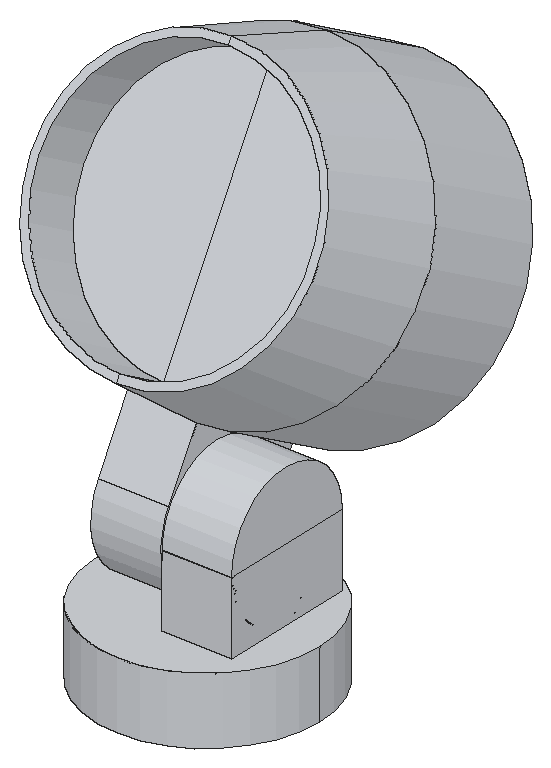
Revit family "Holly Flood Light_26W_3000K", category Lighting Fixtures, Revit 2022
Family settings
  Round Connector Dimension = Use Diameter
  Part Type = Normal
  Work Plane-Based = No
  Always vertical = Yes
  Cut with Voids When Loaded = No
  Light Source = No
  Maintain Annotation Orientation = No
  Shared = No
  Room Calculation Point = No
Parameters (values of type "Holly Flood _26w_3000K_50°")
  Width = 0' - 5 7/64"
  Wattage Comments = "26W"
  URL = "https://www.abovealllighting.com/product/LED-OUTDOOR-FIXTURES/LED-Flood-Light/HOLLYLEDFloodLight-Junctionbox.html"
  Tilt Angle [instance] = 30.00°
  Power Factor = "0.9"
  Model = "HOFL_C26301_50"
  Manufacturer = "Above All Lighting"
  Load Classification = Lighting
  Light Source = 26W-Tiltable : Holly Flood_26W_3000K_50°
  Lamp = "LED"
  Input Voltage = "120-277V"
  IP Rating = 65  # constant formula
  Height = 0' - 8 105/256"
  Delivered Lumen = "2200 lx"
  Default Elevation = 0' - 0"
  CRI = 80  # constant formula
  CCT = "3000K"
  Beam Angle = 50.00°
  Assembly Code = "HOLLY Flood Light - Canopy Cover"
Types (6): name | Model | Light Source | Delivered Lumen | Beam Angle
  (no name) | "HOFL_C26301_50" | 26W-Tiltable : Holly Flood_26W_3000K_50° | "2200 lx" | 50.00°
  Holly Flood _26w_3000K_5° | "HOFL_C26301_5" | 26W-Tiltable : Holly Flood_26W_3000K_5° | "1320 lx" | 5.00°
  Holly Flood _26w_3000K_15° | "HOFL_C26301_15" | 26W-Tiltable : Holly Flood_26W_3000K_15° | "2200 lx" | 15.00°
  Holly Flood _26w_3000K_24° | "HOFL_C26301_24" | 26W-Tiltable : Holly Flood_26W_3000K_24° | "2200 lx" | 24.00°
  Holly Flood _26w_3000K_36° | "HOFL_C26301_36" | 26W-Tiltable : Holly Flood_26W_3000K_36° | "2200 lx" | 36.00°
  Holly Flood _26w_3000K_50° | "HOFL_C26301_50" | 26W-Tiltable : Holly Flood_26W_3000K_50° | "2200 lx" | 50.00°
Reference planes (in)
  plane 1 "Center (Front/Back)": y = 0
  plane 2: z = 0
  plane 3 "Center (Left/Right)": x = 0
  plane 4: z = 1.05981
  plane 5: z = 2.20581
  plane 6: x = 1.10583
  plane 7: y = -1.95223
  plane 8: y = 1.58777
  plane 9: y = -1.08888
  plane 10: y = 1.08888
  plane 11: x = -1.10547
Lines and regions (in)
  reference lines
    curve 1: line (0, 0, 2.20581) -> (0, 7, 14.33017)
    curve 2: line (0, 0, 2.20581) -> (0, 0, -5.79419)
    curve 3: line (0, 0, 2.20581) -> (0, -22.94967, 15.45581)
Dimensions and locks (in)
  locked: plane 8 to plane 1 "Center (Front/Back)" at 1.58777
  locked: plane 11 to nested 1 at 1.10547
  locked: plane 5 to level at 2.20581
  locked: plane 8 to plane 7 at 3.54
  locked: plane 9 to curve 2 at 1.08888
  locked: curve 3 to curve 1 (angle 90.00°)
  "Tilt Angle": angle plane 1 "Center (Front/Back)" to curve 1
  aligned and locked: plane 2 to level
  aligned and locked: plane 1 "Center (Front/Back)" to nested 1
  aligned and locked: level to nested 1
  aligned and locked: plane 5 to nested 1  (x3)
  aligned and locked: plane 4 to nested 1
  aligned and locked: plane 6 to nested 1
  aligned and locked: nested 1 to plane 9  (x2)
  aligned and locked: plane 10 to nested 1  (x2)
  aligned and locked: nested 1 to plane 4  (x2)
  aligned and locked: nested 2 to plane 11
  aligned and locked: nested 1 to level  (x2)
  aligned and locked: nested 1 to curve 2
  aligned and locked: nested 2 to curve 3
Automatic sketch dimensions
  curve 2 to plane 5 = 0' - 0"
  curve 2 to level = 0' - 5.79419"
Nested families (in)
  nested 1: "26W-Base" at (0, -2.48643, -48.145) x (-1, 0, 0) z (0, 0, 1), type "26W-Base"
  nested 2: "26W-Tiltable" at (0, 2.98787, 4.69346) x (0, 0.5, 0.866) z (-1, 0, 0), type <- "Light Source", type "Holly Flood_26W_3000K_50°"
    with built-in parameter 1001306 0.97917 (stored number, unit not read)
Definition of nested family "26W-Base"
  Parameters (values of type "26W-Base")
    Wattage Comments = "26W"
    URL = "https://www.abovealllighting.com/product/LED-OUTDOOR-FIXTURES/LED-Flood-Light/HOLLYLEDFloodLight-Junctionbox.html"
    Power Factor = "0.9"
    Model = "HOFL_C26301_5"
    Manufacturer = "Above All Lighting"
    Load Classification = none
    Lamp = "LED"
    Input Voltage = "120-277V"
    IP Rating = 65
    Height = 0' - 8.41"
    Dia = 0' - 5.11"
    Description = "HOLLY Flood Light - Canopy Cover"
    Depth = 0' - 4.53196"
    Default Elevation = 0' - 0"
    CRI = "80"
    Beam Angle = 5.00°
  Reference planes (in)
    plane 1 "Light Source Axis (F/B)": y = 0
    plane 2: z = 0
    plane 3 "Light Source Axis (L/R)": x = 0
    plane 4 "Light Source Elevation": z = 54
    plane 5: y = -2.48643
  Forms (in)
    Extrusion 1, solid, not visible
      sketch origin (0, -1.27112, 47.22122) x (1, 0, 0) y (0, 1, 0)
        loop
          circle (0, 0) r 1.77
      from 0 to 1.77878
    Extrusion 2, solid, not visible
      sketch origin (0, 0, 0) x (0, 1, 0) y (0, 0, 1)
        loop
          circle (-1.08888, 50.14601) r 1.08888
      from 0 to 1.10583
    Extrusion 3, solid, not visible
      sketch origin (0, 0, 0) x (0, 1, 0) y (0, 0, 1)
        loop
          line (-2.17777, 50.14601) -> (-2.17777, 49) -> (0, 49) -> (0, 50.14601) -> (-2.17777, 50.14601)
      from 0 to 1.10583
    Extrusion 4, solid, not visible
      sketch origin (0, 0, 0) x (1, 0, 0) y (0, 0, 1)
        loop
          circle (0, 54) r 2.555
      from 0 to 2.23741
    SweptBlend 5, solid, not visible
      path origin (0, 0, 0) x (0, 1, 0) y (0, 0, 1)
        loop
          line (-4.34341, 54) -> (-2.23741, 54)
      profile origin (0, -4.34341, 54) x (0, 0, 1) y (1, 0, 0)
        loop
          circle (0, 0) r 2.4
      end profile origin (0, -2.23741, 54) x (0, 0, 1) y (1, 0, 0)
        loop
          circle (0, 0) r 2.555
    Extrusion 6, void, not visible
      sketch origin (0, 0, 0) x (1, 0, 0) y (0, 0, 1)
        loop
          circle (0, 54) r 2.33333
      from 3.60454 to 4.34341
    Extrusion 7, solid, not visible
      sketch origin (-1.10583, -0.02922, 0.20481) x (0, 1, 0) y (0, 0, 1)
        loop
          circle (-1.08888, 50.14601) r 1.08888
      from 0 to 1.10583
    Extrusion 8, solid, not visible
      sketch origin (-1.10583, -0.02922, 1.35081) x (0, 1, 0) y (0, 0, 1)
        loop
          line (-2.17777, 50.3832) -> (-2.17777, 49) -> (0, 49) -> (0, 50.3832) -> (-2.17777, 50.3832)
      from 0 to 1.10583
    Extrusion 9, solid, not visible
      sketch origin (0, 0, 0) x (1, 0, 0) y (0, 0, 1)
        loop
          circle (0, 54) r 2
      from 0 to -0.18855
    Extrusion 10, solid
      sketch origin (0, -2.3042, 47.42602) x (-1, 0, 0) y (0, -1, 0)
        loop
          circle (0, 0) r 1.77
      from 0.71898 to 1.77878
    Extrusion 11, solid
      sketch origin (0, -3.57532, 0.20481) x (0, -1, 0) y (0, 0, 1)
        loop
          circle (-1.08888, 50.14601) r 1.08888
      from 0 to 1.10583
    Extrusion 12, solid
      sketch origin (0, -3.57532, 0.20481) x (0, -1, 0) y (0, 0, 1)
        loop
          line (-2.17777, 50.14601) -> (-2.17777, 49) -> (0, 49) -> (0, 50.14601) -> (-2.17777, 50.14601)
      from 0 to 1.10583
    Extrusion 13, solid, not visible
      sketch origin (0, -2.3042, 47.42602) x (-1, 0, 0) y (0, -1, 0)
        loop
          circle (0, 0) r 1.77
      from 0 to 1.77878
    Extrusion 14, solid, not visible
      sketch origin (0, -3.57532, 0.20481) x (0, -1, 0) y (0, 0, 1)
        loop
          circle (-1.08888, 50.14601) r 1.08888
      from 0 to 1.10583
    Extrusion 15, solid, not visible
      sketch origin (0, -3.57532, 0.20481) x (0, -1, 0) y (0, 0, 1)
        loop
          line (-2.17777, 50.14601) -> (-2.17777, 49) -> (0, 49) -> (0, 50.14601) -> (-2.17777, 50.14601)
      from 0 to 1.10583
    Extrusion 16, solid, not visible
      sketch origin (0, -3.60454, 0) x (-1, 0, 0) y (0, 0, 1)
        loop
          circle (0, 54) r 2.555
      from 0 to 2.23741
    SweptBlend 17, solid, not visible
      path origin (0, -3.60454, 0) x (0, -1, 0) y (0, 0, 1)
        loop
          line (-4.34341, 54) -> (-2.23741, 54)
      profile origin (0, 0.73887, 54) x (0, 0, 1) y (-1, 0, 0)
        loop
          circle (0, 0) r 2.4
      end profile origin (0, -1.36713, 54) x (0, 0, 1) y (-1, 0, 0)
        loop
          circle (0, 0) r 2.555
    Extrusion 18, void, not visible
      sketch origin (0, -3.60454, 0) x (-1, 0, 0) y (0, 0, 1)
        loop
          circle (0, 54) r 2.33333
      from 3.60454 to 4.34341
    Extrusion 19, solid, not visible
      sketch origin (1.10583, -3.57532, 0.20481) x (0, -1, 0) y (0, 0, 1)
        loop
          circle (-1.08888, 50.14601) r 1.08888
      from 0 to 1.10583
    Extrusion 20, solid, not visible
      sketch origin (1.10583, -3.57532, 1.35081) x (0, -1, 0) y (0, 0, 1)
        loop
          line (-2.17777, 50.3832) -> (-2.17777, 49) -> (0, 49) -> (0, 50.3832) -> (-2.17777, 50.3832)
      from 0 to 1.10583
    Extrusion 21, solid, not visible
      sketch origin (0, -3.60454, 0) x (-1, 0, 0) y (0, 0, 1)
        loop
          circle (0, 54) r 2
      from 0 to -0.18855
    Extrusion 22, solid, not visible
      sketch origin (0, -3.60454, 0) x (-1, 0, 0) y (0, 0, 1)
        loop
          circle (0, 54) r 2.555
      from 0 to 2.23741
    SweptBlend 23, solid, not visible
      path origin (0, -3.60454, 0) x (0, -1, 0) y (0, 0, 1)
        loop
          line (-4.34341, 54) -> (-2.23741, 54)
      profile origin (0, 0.73887, 54) x (0, 0, 1) y (-1, 0, 0)
        loop
          circle (0, 0) r 2.4
      end profile origin (0, -1.36713, 54) x (0, 0, 1) y (-1, 0, 0)
        loop
          circle (0, 0) r 2.555
    Extrusion 24, void, not visible
      sketch origin (0, -3.60454, 0) x (-1, 0, 0) y (0, 0, 1)
        loop
          circle (0, 54) r 2.33333
      from 3.60454 to 4.34341
    Extrusion 25, solid, not visible
      sketch origin (0, -2.3042, 47.42602) x (-1, 0, 0) y (0, -1, 0)
        loop
          circle (0, 0) r 1.77
      from 0.71898 to 1.77878
    Extrusion 26, solid, not visible
      sketch origin (0, -3.57532, 0.20481) x (0, -1, 0) y (0, 0, 1)
        loop
          circle (-1.08888, 50.14601) r 1.08888
      from 0 to 1.10583
    Extrusion 27, solid, not visible
      sketch origin (0, -3.57532, 0.20481) x (0, -1, 0) y (0, 0, 1)
        loop
          line (-2.17777, 50.14601) -> (-2.17777, 49) -> (0, 49) -> (0, 50.14601) -> (-2.17777, 50.14601)
      from 0 to 1.10583
    Extrusion 28, solid, not visible
      sketch origin (1.10583, -3.57532, 0.20481) x (0, -1, 0) y (0, 0, 1)
        loop
          circle (-1.08888, 50.14601) r 1.08888
      from 0 to 1.10583
    Extrusion 29, solid, not visible
      sketch origin (1.10583, -3.57532, 1.35081) x (0, -1, 0) y (0, 0, 1)
        loop
          line (-2.17777, 50.3832) -> (-2.17777, 49) -> (0, 49) -> (0, 50.3832) -> (-2.17777, 50.3832)
      from 0 to 1.10583
    Extrusion 30, solid, not visible
      sketch origin (0, -3.60454, 0) x (-1, 0, 0) y (0, 0, 1)
        loop
          circle (0, 54) r 2
      from 0 to -0.18855
  Lines and regions (in)
    reference lines
      curve 1: line (-2.555, 0, 54) -> (-2.555, 0, 60)
      curve 2: line (2.555, 0, 54) -> (2.555, 0, 60)
      curve 3: line (0, -3.60454, 56.555) -> (0, -11.10454, 56.555)
      curve 4: line (0, -4.0742, 48.145) -> (0, -11.10454, 48.145)
      curve 5: line (0, -3.79309, 56) -> (0, -3.79309, 65)
      curve 6: line (0, 0.73887, 56.4) -> (0, 0.73887, 65)
      curve 7: line (0, 0, 104.555) -> (0, 0, 21.555)
  Dimensions and locks (in)
    "Dia": curve 2 to curve 1
    "Height": curve 4 to curve 3
    "Depth": curve 6 to curve 5
    diameter of Extrusion 10 = 0' - 3.54"
    angle curve 7 to plane 4 "Light Source Elevation" = 90.00°
    aligned and locked: level to plane 2
  Automatic sketch dimensions
    Extrusion 12 sketch curve to Extrusion 12 sketch curve = 0' - 2.17777"
    Extrusion 12 sketch curve to Extrusion 12 sketch curve = 0' - 1.14601"
    SweptBlend 23 sketch curve to profile plane = 0' - 0"  (x2)
    profile plane to SweptBlend 23 sketch curve = 0' - 0"  (x2)
    Extrusion 27 sketch curve to Extrusion 27 sketch curve = 0' - 2.17777"
    Extrusion 27 sketch curve to Extrusion 27 sketch curve = 0' - 1.14601"
    Extrusion 29 sketch curve to Extrusion 29 sketch curve = 0' - 2.17777"
    Extrusion 29 sketch curve to Extrusion 29 sketch curve = 0' - 1.3832"
    SweptBlend 23 sketch curve to SweptBlend 23 sketch curve = 0' - 2.106"
    Extrusion 10 sketch curve to plane 3 "Light Source Axis (L/R)" = 0' - 0"
    plane 5 to Extrusion 10 sketch curve = 0' - 0.18223"
    Extrusion 11 sketch curve to plane 5 = 0' - 0"
    plane 4 "Light Source Elevation" to Extrusion 11 sketch curve = 0' - 3.64919"
    plane 5 to Extrusion 12 sketch curve = 0' - 1.08888"
    plane 4 "Light Source Elevation" to Extrusion 12 sketch curve = 0' - 4.79519"
    curve 1 to plane 4 "Light Source Elevation" = 0' - 0"
    curve 2 to plane 4 "Light Source Elevation" = 0' - 0"
    curve 1 to plane 3 "Light Source Axis (L/R)" = 0' - 2.555"
    curve 2 to curve 2 = 0' - 6"
    curve 1 to curve 2 = 0' - 0"
    curve 7 to plane 1 "Light Source Axis (F/B)" = 0' - 0"
    level to curve 7 = 1' - 9.555"
    curve 3 to plane 5 = 0' - 1.11811"
    curve 5 to plane 5 = 0' - 1.30666"
    curve 4 to plane 5 = 0' - 1.58777"
    curve 4 to curve 4 = 0' - 7.03034"
    curve 3 to plane 4 "Light Source Elevation" = 0' - 2.555"
    curve 3 to curve 5 = 0' - 7.31145"
    curve 5 to curve 3 = 0' - 0.555"
    curve 6 to plane 4 "Light Source Elevation" = 0' - 2.4"
    curve 3 to curve 5 = 0' - 8.445"
    curve 5 to curve 6 = 0' - 0"
    radius of Extrusion 10 sketch curve = 0' - 1.77"
    radius of Extrusion 11 sketch curve = 0' - 1.08888"
    radius of Extrusion 22 sketch curve = 0' - 2.555"
    radius of SweptBlend 23 sketch curve = 0' - 2.4"
    radius of SweptBlend 23 sketch curve = 0' - 2.555"
    radius of Extrusion 24 sketch curve = 0' - 2.33333"
    radius of Extrusion 25 sketch curve = 0' - 1.77"
    radius of Extrusion 26 sketch curve = 0' - 1.08888"
    radius of Extrusion 28 sketch curve = 0' - 1.08888"
    radius of Extrusion 30 sketch curve = 0' - 2"
Definition of nested family "26W-Tiltable"
  Parameters (values of type "Holly Flood_26W_3000K_50°")
    Wattage Comments = "26W"
    Wattage = 14.8106 W
    built-in parameter 1150110 = 1 (stored number, unit not read)
    URL = "https://www.abovealllighting.com/product/LED-OUTDOOR-FIXTURES/LED-Flood-Light/HOLLYLEDFloodLight-Junctionbox.html"
    built-in parameter 1114217 = 1 (stored number, unit not read)
    Tilt Angle = 60.00°
    built-in parameter 1150109 = 1 (stored number, unit not read)
    built-in parameter 1150134 = (empty or 0)
    built-in parameter 1150113 = 1 (stored number, unit not read)
    Power Factor = "0.9"
    Photometric Web File = "HOFL_C26301_50.IES"
    Model = "HOFL_C26301_50"
    Manufacturer = "Above All Lighting"
    built-in parameter 1150105 = 175.07 (stored number, unit not read)
    Lumens = 2200 lm
    built-in parameter 1150115 = 1 (stored number, unit not read)
    Load Classification = none
    built-in parameter 1150137 = (empty or 0)
    built-in parameter 1150139 = (empty or 0)
    built-in parameter 1001306 [instance] = 4' - 0"
    built-in parameter 1150112 = 1 (stored number, unit not read)
    built-in parameter 1150114 = 1 (stored number, unit not read)
    Lamp = "LED"
    built-in parameter 1150132 = 2
    built-in parameter 1150102 = (empty or 0)
    built-in parameter 1150107 = 3000 (stored number, unit not read)
    built-in parameter 1150138 = (empty or 0)
    built-in parameter 1150106 = 1.7507 (stored number, unit not read)
    IP Rating = "65"
    built-in parameter 1150104 = 13.8 (stored number, unit not read)
    Dimming Lamp Color Temperature Shift = (empty or 0)
    Description = "HOLLY Flood Light -Canopy Cover"
    Default Elevation = 0' - 0"
    Color Filter = 16777215
    CRI = "80"
    Beam Angle = 50.00°
    built-in parameter 1114218 = 1 (stored number, unit not read)
    built-in parameter 1150133 = 10 (stored number, unit not read)
  Types (6): name | Wattage | built-in parameter 1114217 | built-in parameter 1150134 | Photometric Web File | Model | built-in parameter 1150105 | Lumens | built-in parameter 1150132 | built-in parameter 1150107 | built-in parameter 1150106 | Beam Angle
    Holly Flood_26W_3000K_5° | 14.8106 W | 0.6 (stored number, unit not read) | (empty or 0) | "HOFL_C26301_5.IES" | "HOFL_C26301_5" | 175.07 (stored number, unit not read) | 2200 lm | 2 | 3000 (stored number, unit not read) | 1.7507 (stored number, unit not read) | 5.00°
    Holly Flood_26W_3000K_15° | 14.8106 W | 1 (stored number, unit not read) | (empty or 0) | "HOFL_C26301_15.IES" | "HOFL_C26301_15" | 175.07 (stored number, unit not read) | 2200 lm | 2 | 3000 (stored number, unit not read) | 1.7507 (stored number, unit not read) | 15.00°
    Holly Flood_26W_3000K_24° | 14.8106 W | 1 (stored number, unit not read) | (empty or 0) | "HOFL_C26301_24.IES" | "HOFL_C26301_24" | 175.07 (stored number, unit not read) | 2200 lm | 2 | 3000 (stored number, unit not read) | 1.7507 (stored number, unit not read) | 24.00°
    Holly Flood_26W_3000K_36° | 14.8106 W | 1 (stored number, unit not read) | (empty or 0) | "HOFL_C26301_36.IES" | "HOFL_C26301_36" | 175.07 (stored number, unit not read) | 2200 lm | 2 | 3000 (stored number, unit not read) | 1.7507 (stored number, unit not read) | 36.00°
    Holly Flood_26W_3000K_50° | 14.8106 W | 1 (stored number, unit not read) | (empty or 0) | "HOFL_C26301_50.IES" | "HOFL_C26301_50" | 175.07 (stored number, unit not read) | 2200 lm | 2 | 3000 (stored number, unit not read) | 1.7507 (stored number, unit not read) | 50.00°
    26W-Tiltable | 9.2903 W | 1 (stored number, unit not read) | 3 | "HOFL_C26301_5.IES" | "HOFL_C26301_50" | 17281.5 (stored number, unit not read) | 1380 lm | (empty or 0) | 3200 (stored number, unit not read) | 172.82 (stored number, unit not read) | 50.00°
  Reference planes (in)
    plane 1 "Center (Front/Back)": y = 0
    plane 2: z = 0
    plane 3 "Left": x = 0
    plane 4 "Right": x = 48
  Forms (in)
    Revolve 1, solid
      sketch origin (0, 0, 0) x (-1, 0, 0) y (0, -1, 0)
        loop
          line (0, 0) -> (2, 0) -> (2, 0.25) -> (2.555, 0.25) -> (2.555, 2.4375) -> (2.2641, 4.41) -> (2.1391, 4.41) -> (2.1391, 3.41) -> (0, 3.41) -> (0, 0)
        axis (0, 4.41) -> (0, 0)
      angle from 0 to 360
    Extrusion 2, solid
      sketch origin (0.83594, -1.34375, 0) x (-1, 0, 0) y (0, -1, 0)
        loop
          circle (4.48424, 0) r 1.09375
      from 0 to 1.10547
    Extrusion 3, solid
      sketch origin (0.83594, -1.34375, 0) x (-1, 0, 0) y (0, -1, 0)
        loop
          line (4.48424, 1.09375) -> (2.60568, 1.09375) -> (2.60568, -1.09375) -> (4.48424, -1.09375) -> (4.48424, 1.09375)
      from 0 to 1.10547
  Lines and regions (in)
    reference lines
      curve 1: line (0, 0, 0) -> (48, 0, 0)
      curve 4: line (-3.98424, -0.25, 0) -> (10.01576, -0.25, 0)
      curve 5: line (-2.2641, -4.41, 0) -> (10.01576, -4.41, 0)
    model lines
      curve 2: line (0, -2.4375, 0.55273) -> (0, -0.25, 0.55273)
      curve 3: line (0, -1.34375, 1.10547) -> (0, -1.34375, 0)
  Dimensions and locks (in)
    "built-in parameter 1001306": plane 3 "Left" to plane 4 "Right"
    locked: curve 5 to curve 4 at 4.16
    aligned and locked: plane 4 "Right" to curve 1
    aligned and locked: plane 1 "Center (Front/Back)" to curve 1
    aligned and locked: plane 3 "Left" to curve 1
    aligned and locked: level to plane 2
    aligned and locked: Extrusion 2 to curve 3
  Automatic sketch dimensions
    plane 1 "Center (Front/Back)" to Revolve 1 sketch curve = 0' - 0"
    Revolve 1 sketch curve to plane 3 "Left" = 0' - 0"  (x2)
    Revolve 1 sketch curve to Revolve 1 sketch curve = 0' - 2"
    Revolve 1 sketch curve to plane 3 "Left" = 0' - 2.1391"
    Revolve 1 sketch curve to Revolve 1 sketch curve = 0' - 0 1/8"
    plane 1 "Center (Front/Back)" to Revolve 1 sketch curve = 0' - 0 1/4"
    Revolve 1 sketch curve to Revolve 1 sketch curve = 0' - 0.555"
    Revolve 1 sketch curve to Revolve 1 sketch curve = 0' - 2 3/16"
    Revolve 1 sketch curve to Revolve 1 sketch curve = 0' - 0.9725"
    Revolve 1 sketch curve to Revolve 1 sketch curve = 0' - 1"
    Revolve 1 sketch curve to plane 1 "Center (Front/Back)" = 2' - 0"
    Revolve 1 sketch curve to Revolve 1 sketch curve = 7' - 3.86586"
    Extrusion 3 sketch curve to plane 3 "Left" = 0' - 1.76974"
    plane 1 "Center (Front/Back)" to Extrusion 3 sketch curve = 0' - 0 1/4"
    Extrusion 3 sketch curve to Extrusion 3 sketch curve = 0' - 1.87856"
    Extrusion 3 sketch curve to Extrusion 3 sketch curve = 0' - 2 3/16"
    plane 1 "Center (Front/Back)" to Extrusion 2 sketch curve = 0' - 1 11/32"
    Extrusion 2 sketch curve to plane 3 "Left" = 0' - 3.6483"
    curve 3 to level = 0' - 0"
    level to curve 2 = 0' - 0.55273"
    plane 1 "Center (Front/Back)" to curve 2 = 0' - 2 7/16"
    curve 2 to curve 3 = 0' - 1 3/32"
    plane 1 "Center (Front/Back)" to curve 2 = 0' - 0 1/4"
    curve 5 to plane 3 "Left" = 0' - 2.2641"
    plane 1 "Center (Front/Back)" to curve 4 = 0' - 0 1/4"
    curve 4 to plane 3 "Left" = 0' - 3.98424"
    plane 3 "Left" to curve 4 = 0' - 10.01576"
    curve 5 to curve 4 = 0' - 0"
    radius of Extrusion 2 sketch curve = 0' - 1 3/32"
